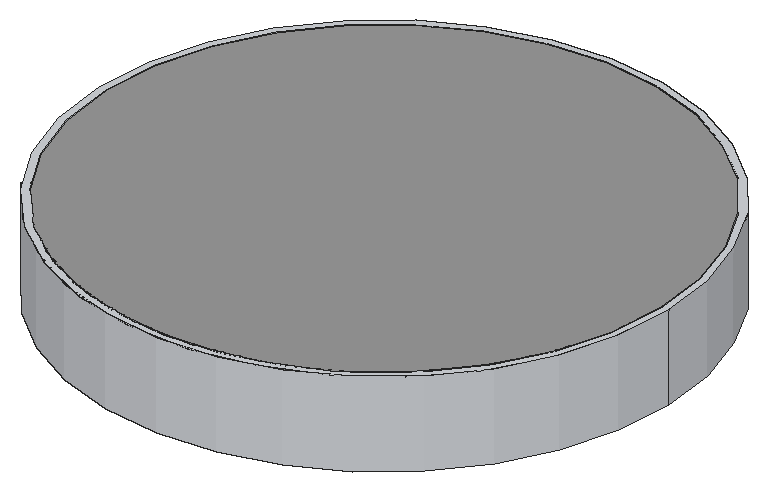
Revit family "2071109", category Lighting Fixtures, host Face, Revit 2018
Family settings
  Host = Face
  Round Connector Dimension = Use Diameter
  Part Type = Normal
  OmniClass Number = 23.80.70.00
  OmniClass Title = Lighting
  Cut with Voids When Loaded = No
  Light Source = Yes
  Shared = No
  Room Calculation Point = No
Parameters (values of type "2071109 COLOSSAL 400 830 PR DIR WHT DALI EM")
  iner diameter = 390 mm
  Weight = "n/a"
  Wattage Comments = ""
  Wattage = 30 W
  WarrantyStartDate [instance] = "n/a"
  WarrantyGuarantorParts = "n/a"
  WarrantyDurationUnit = "n/a"
  WarrantyDurationParts = ""
  WarrantyDescription = "http://www.sylvania-lighting.com"
  built-in parameter 1150110 = 1 (stored number, unit not read)
  Voltage = 230 V
  URL = "0.95"
  TypeName = "COLOSSAL 400mm 830 PRISM DIR WHITE DALI EM"
  Type Image = <None>
  Type Comments = "n/a"
  built-in parameter 1114217 = 1 (stored number, unit not read)
  Tilt Angle = -90.00°
  built-in parameter 1150109 = 1 (stored number, unit not read)
  built-in parameter 1150134 = (empty or 0)
  built-in parameter 1150113 = 1 (stored number, unit not read)
  SerialNumber [instance] = "n/a"
  Photometric Web File = "2071109.ies"
  Material_3_SYL = LED-Sylvania
  PowerFactor = 0
  PowerConsumption = "Lighting"
  NominalLength = 400 mm
  NominalHeight = 93 mm
  NominalDepth = 400 mm
  Name = "COLOSSAL 400mm 830 PRISM DIR WHITE DALI EM"
  ModelReference = Name  # "COLOSSAL 400mm 830 PRISM DIR WHITE DALI EM"
  ModelNumber = "2071109"
  Model = Name  # "COLOSSAL 400mm 830 PRISM DIR WHITE DALI EM"
  Material = "Feilo Sylvania"
  ManufacturerName = "115 lm/W"
  Manufacturer = ""
  LuminousEfficacy = ""
  built-in parameter 1150105 = 270.44 (stored number, unit not read)
  Lumens = 3398.4 lm
  LuminaireType = "0"
  built-in parameter 1150115 = 1 (stored number, unit not read)
  LightOutputRatio = "LED"
  built-in parameter 1150137 = (empty or 0)
  built-in parameter 1150139 = (empty or 0)
  LampsType = Lamp  # "n/a"
  LampNominalLuminous = "3000 K"
  LampMacAdamStep = "80"
  LampColourTemperature = "LED"
  LampColourRenderingIndex = "16500"
  built-in parameter 1150112 = 1 (stored number, unit not read)
  built-in parameter 1150114 = 1 (stored number, unit not read)
  Lamp = "n/a"
  Keynote = "n/a"
  InstallationDate [instance] = "n/a"
  InputVoltage = "0"
  InputNominalFrequency = "3000"
  built-in parameter 1150132 = (empty or 0)
  built-in parameter 1150102 = (empty or 0)
  built-in parameter 1150107 = 3000 (stored number, unit not read)
  built-in parameter 1150138 = (empty or 0)
  IngressProtection = "IfcLightFixtureType"
  ImpactProtectionIndex = "IfcLightFixtureType"
  built-in parameter 1150106 = 2.7044 (stored number, unit not read)
  IfcExportType = "IfcLightFixtureType"
  IfcExportAs = "Class I"
  Emit from Circle Diameter = 385 mm
  Emit Shape Visible in Rendering = no
  ElectricShockClassification = "115"
  built-in parameter 1150104 = 10.524 (stored number, unit not read)
  DocumentationLiterature = "http://www.sylvania-lighting.com/product/en-int/products/2071109"
  DimmingControlOptions = "n/a"
  Material_2_SYL = Polycarbonate_Sylvania_White
  Dimming Lamp Color Temperature Shift = <None>
  Description = "400mm diameter circular architectural luminaire, can be surface mounted or suspended. Powder coated aluminium housing (RAL9016) with PMMA prismatic diffuser. Direct light distribution, 1845lm luminuous flux, 16W system power, 115lm/W luminiaire efficacy. DALI dimmable. 3 hours integrated emergency. Colour rendering index Ra >80, 3000K Warm White LED, chromaticity tolerance of 3-step MacAdam ellipse. IP40, IK03. 350mA drive current. UGR≤19. Electrical protection Class1, 220-240V. Reported lifetime 66k hours L90B10."
  Default Elevation = 1219.2 mm
  CreatedOn = "22/03/2022"
  CreatedBy = "@sylvania-lighting.com"
  Cost = 0
  Color Filter = 16777215
  built-in parameter 1114216 [instance] = (empty or 0)
  ClassificationValue = "EF_70_80"
  ClassificationName = "Uniclass2015"
  Material_1_SYL = Polycarbonate_Sylvania_Opal
  BarCode [instance] = "n/a"
  built-in parameter 1114218 = 1 (stored number, unit not read)
  built-in parameter 1150133 = 10 (stored number, unit not read)
  AssetType = "Fixed"
  AssetIdentifier [instance] = "n/a"
  Assembly Code = "D5020200"
  Apparent Load = 19 VA
  Material_4_SYL = none
Reference planes
  plane 1 "Center (Front/Back)": y = 0
  plane 2: z = 0
  plane 3 "Center (Left/Right)": x = 0
  plane 4: x = -200
  plane 5: x = 200
  plane 6: y = 200
  plane 7: y = -200
  plane 8: y = 236
  plane 9: y = -236
  plane 10: z = 93
  plane 11: y = 195
  plane 12: y = -195
  plane 13: y = 90.5
  plane 14: y = 144.5
  plane 15: through (52.25, 90.5, 1219.2) normal (0.866, 0.5, 0)
  plane 16: through (52.25, 90.5, 1219.2) normal (0.866, 0.5, 0)
  plane 17: through (63.706, 126.657, 1219.2) normal (0.866, 0.5, 0)
  plane 18: through (-104.5, 0, 1219.2) normal (-0.866, 0.5, 0)
  plane 19: through (-142.394, -9.633, 1219.2) normal (-0.866, 0.5, 0)
  plane 20: y = -90.5
  plane 21: y = -118.5
  plane 22: through (85.371, -141.133, 1219.2) normal (-0.866, 0.5, 0)
  plane 23: through (52.25, -90.5, 1219.2) normal (-0.866, 0.5, 0)
  plane 24: through (-161.658, 0, 1219.2) normal (0.866, 0.5, 0)
  plane 25: through (-172.12, 9.121, 1219.2) normal (0.866, 0.5, 0)
  plane 26: through (-104.5, 0, 1219.2) normal (0.866, 0.5, 0)
Forms (mm)
  Extrusion 1, solid, detail levels medium+fine
    sketch origin (0, 0, 0) x (1, 0, 0) y (0, 1, 0)
      loop
        circle (0, 0) r 200
    from 33.023 to 93
  Extrusion 2, void
    sketch origin (0, 0, 0) x (1, 0, 0) y (0, 1, 0)
      loop
        circle (0, 0) r 195
    from 93 to 37.292
  Extrusion 3, solid, material "Glass, White, High Luminance", detail levels fine
    sketch origin (0, 0, 0) x (1, 0, 0) y (0, 1, 0)
      loop
        circle (0, 0) r 195
    from 88.026 to 93
  Extrusion 4, solid, detail levels coarse
    sketch origin (0, 0, 0) x (1, 0, 0) y (0, 1, 0)
      loop
        line (-200, 200) -> (-200, -200) -> (200, -200) -> (200, 200) -> (-200, 200)
    from 0 to 93
  Blend 5, solid, detail levels medium+fine
    base sketch origin (0, 0, 0) x (1, 0, 0) y (0, 1, 0)
      loop
        line (-52.25, 90.5) -> (-104.5, 0) -> (-52.25, -90.5) -> (52.25, -90.5) -> (104.5, 0) -> (52.25, 90.5) -> (-52.25, 90.5)
    top sketch origin (0, 0, 0) x (1, 0, 0) y (0, 1, 0)
      loop
        line (-53.405, 144.5) -> (-149.245, -21.5) -> (-93.242, -118.5) -> (98.438, -118.5) -> (151.843, -26) -> (53.405, 144.5) -> (-53.405, 144.5)
    from 0 to 33.023
Cuts and joins
  Extrusion 2 cuts Extrusion 1
Dimensions and locks
  "NominalDepth": plane 6 to plane 7
  "NominalLength": plane 4 to plane 5
  equal spacing: plane 4, plane 3 "Center (Left/Right)", plane 5
  "iner diameter": plane 11 to plane 12
  equal spacing: plane 11, plane 1 "Center (Front/Back)", plane 12
  equal spacing: plane 6, plane 1 "Center (Front/Back)", plane 7
  "NominalHeight": plane 10 to level
  plane 19 to plane 18 = 28 mm
  radius of Extrusion 2 sketch curve = 195 mm
  aligned and locked: plane 2 to host face
  aligned and locked: level to host face
Automatic sketch dimensions
  host sketch curve to host sketch curve = 2438.4 mm  (x2)
  plane 1 "Center (Front/Back)" to Extrusion 1 sketch curve = 0 mm
  Extrusion 1 sketch curve to plane 3 "Center (Left/Right)" = 0 mm
  plane 1 "Center (Front/Back)" to Extrusion 2 sketch curve = 0 mm
  Extrusion 2 sketch curve to plane 3 "Center (Left/Right)" = 0 mm
  plane 1 "Center (Front/Back)" to Extrusion 3 sketch curve = 0 mm
  Extrusion 3 sketch curve to plane 3 "Center (Left/Right)" = 0 mm
  Extrusion 4 sketch curve to plane 4 = 0 mm
  Extrusion 4 sketch curve to plane 5 = 0 mm
  Extrusion 4 sketch curve to plane 7 = 0 mm
  Extrusion 4 sketch curve to plane 6 = 0 mm
  Blend 5 sketch curve to plane 19 = 0 mm  (x2)
  Blend 5 sketch curve to plane 24 = 0 mm  (x2)
  Blend 5 sketch curve to plane 21 = 0 mm
  Blend 5 sketch curve to plane 14 = 0 mm
  Blend 5 sketch curve to plane 17 = 0 mm  (x2)
  Blend 5 sketch curve to plane 22 = 0 mm  (x2)
  radius of Extrusion 1 sketch curve = 200 mm
  radius of Extrusion 3 sketch curve = 195 mm
Connectors
  electrical at (0, 0, 0), driven by "Apparent Load", driven by "PowerFactor", driven by "Voltage"
    settings: index 1, voltage 230 V, apparent load 19 VA, apparent load phase1 0 VA, apparent load phase2 0 VA, apparent load phase3 0 VA, power factor 0, load classification "Lighting", number of poles 1, system type 30, power factor state 1, is connector primary yes, connector utility no, sub classification motor no, connector description ""
